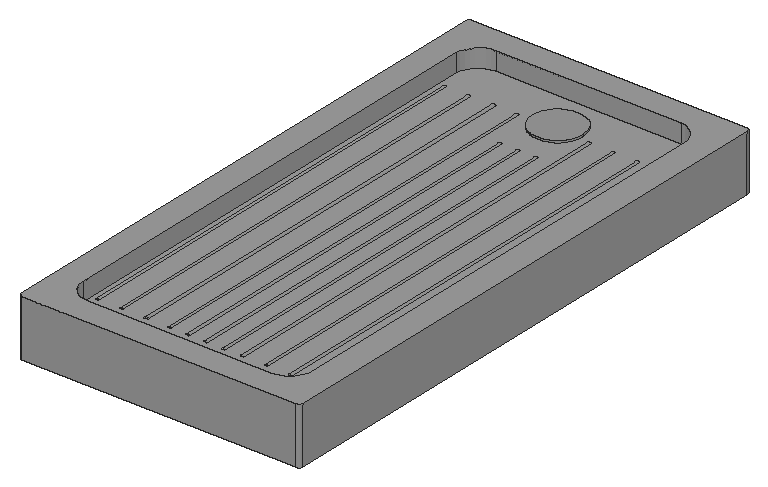
Revit family "RECEPTACULO ZEN 1400x700", category Plumbing Fixtures, Revit 2019
Family settings
  Round Connector Dimension = Use Diameter
  Part Type = Normal
  OmniClass Number = 23.45.00.00
  OmniClass Title = Sanitary, Laundry, and Cleaning Equipment
  Work Plane-Based = No
  Always vertical = Yes
  Cut with Voids When Loaded = No
  Shared = No
  Room Calculation Point = No
Reference planes
  plane 1 "Center (Front/Back)": y = 0
  plane 2: z = 0
  plane 3 "Center (Left/Right)": x = 0
Forms (mm)
  Extrusion 1, solid
    sketch origin (0, 0, 0) x (1, 0, 0) y (0, 1, 0)
      loop
        line (9.126, -392.5) -> (689.126, -392.5)
        arc (689.126, -392.5) -> (696.197, -389.571) -> (699.126, -382.5) r 10
        line (699.126, -382.5) -> (699.126, 997.5)
        arc (699.126, 997.5) -> (696.197, 1004.571) -> (689.126, 1007.5) r 10
        line (689.126, 1007.5) -> (9.126, 1007.5)
        arc (9.126, 1007.5) -> (2.055, 1004.571) -> (-0.874, 997.5) r 10
        line (-0.874, 997.5) -> (-0.874, -382.5)
        arc (-0.874, -382.5) -> (2.055, -389.571) -> (9.126, -392.5) r 10
    from 0 to 140
  Extrusion 2, void
    sketch origin (0, 0, 0) x (1, 0, 0) y (0, 1, 0)
      loop
        line (577.389, 942.5) -> (118.069, 942.5)
        arc (118.069, 942.5) -> (79.178, 926.391) -> (63.069, 887.5) r 55
        line (63.069, 887.5) -> (63.069, -272.5)
        arc (63.069, -272.5) -> (79.178, -311.391) -> (118.069, -327.5) r 55
        line (118.069, -327.5) -> (577.389, -327.5)
        arc (577.389, -327.5) -> (616.279, -311.391) -> (632.389, -272.5) r 55
        line (632.389, -272.5) -> (632.389, 887.5)
        arc (632.389, 887.5) -> (616.279, 926.391) -> (577.389, 942.5) r 55
    from 95 to 140
  Extrusion 3, solid
    sketch origin (0, 320, 0) x (1, 0, 0) y (0, 1, 0)
      loop
        circle (350, 525) r 62.5
    from 95 to 98.923
  Extrusion 4, solid
    sketch origin (-0.484, 0, -15.528) x (1, 0, 0) y (0, 0, 1)
      loop
        line (135.456, 110.528) -> (142.789, 110.528)
        arc (142.789, 110.528) -> (139.122, 112.128) -> (135.456, 110.528) r 5
      loop
        line (196.48, 110.528) -> (205.366, 110.528)
        arc (205.366, 110.528) -> (200.923, 113.234) -> (196.48, 110.528) r 5
      loop
        line (255.456, 110.528) -> (262.789, 110.528)
        arc (262.789, 110.528) -> (259.122, 112.128) -> (255.456, 110.528) r 5
      loop
        line (435.456, 110.528) -> (442.789, 110.528)
        arc (442.789, 110.528) -> (439.122, 112.128) -> (435.456, 110.528) r 5
      loop
        line (495.456, 110.528) -> (502.789, 110.528)
        arc (502.789, 110.528) -> (499.122, 112.128) -> (495.456, 110.528) r 5
      loop
        line (555.456, 110.528) -> (562.789, 110.528)
        arc (562.789, 110.528) -> (559.122, 112.128) -> (555.456, 110.528) r 5
      loop
        line (75.456, 110.528) -> (82.789, 110.528)
        arc (82.789, 110.528) -> (79.122, 112.128) -> (75.456, 110.528) r 5
      loop
        line (615.456, 110.528) -> (622.789, 110.528)
        arc (622.789, 110.528) -> (619.122, 112.128) -> (615.456, 110.528) r 5
    from -833.012 to 246.988
  Extrusion 5, solid
    sketch origin (-0.484, 0, -15.528) x (1, 0, 0) y (0, 0, 1)
      loop
        line (345.456, 110.528) -> (352.789, 110.528)
        arc (352.789, 110.528) -> (349.122, 112.128) -> (345.456, 110.528) r 5
      loop
        line (300.456, 110.528) -> (307.789, 110.528)
        arc (307.789, 110.528) -> (304.122, 112.128) -> (300.456, 110.528) r 5
      loop
        line (390.456, 110.528) -> (397.789, 110.528)
        arc (397.789, 110.528) -> (394.122, 112.128) -> (390.456, 110.528) r 5
    from -724.428 to 246.988
Cuts and joins
  Extrusion 2 cuts Extrusion 1
Dimensions and locks
  aligned and locked: level to plane 2
